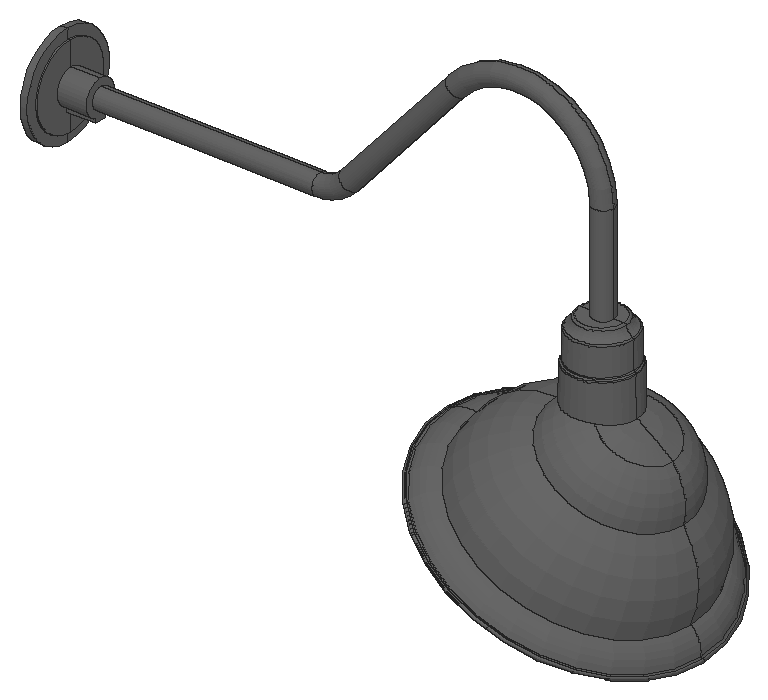
Revit family "Emblem_LED", category Lighting Fixtures, Revit 2020
Family settings
  Round Connector Dimension = Use Diameter
  Part Type = Normal
  OmniClass Number = 23.80.70.00
  OmniClass Title = Lighting
  Work Plane-Based = No
  Always vertical = Yes
  Cut with Voids When Loaded = No
  Light Source = Yes
  Shared = No
  Room Calculation Point = No
Parameters (values of type "M714")
  Weight = "1.5 lb"
  Wattage Comments = "16W"
  Wattage = 1.6 W
  Warranty = "5 year limited warranty"  # constant formula
  built-in parameter 1150110 = 1 (stored number, unit not read)
  Voltage = 277 V
  URL = "https://www.anplighting.com/assets/Uploads/product-attachments/specification-sheets/ANP-Specification-Sheet-RLM-LED-M714.pdf"
  built-in parameter 1114217 = 1 (stored number, unit not read)
  Tilt Angle = 90.00°
  built-in parameter 1150109 = 1 (stored number, unit not read)
  built-in parameter 1150134 = 12
  built-in parameter 1150113 = 1 (stored number, unit not read)
  Mounting Option [instance] = 2
  Power Factor = 1
  Post Mount [instance] = Mounting Option = 5  # no
  Placement X axis side [instance] = if(Post Mount, 2' 2 15/32", if(Cord or Stem Mount, 0' 0", if(E36 20 inch, 1' 8 1/4", if(E 6 26 inch, 2' 2", if(E7 41 inch, 3' 5 1/4", 0' 1")))))  # 2' - 2"
  Photometric Web File = "M714M016LDNW40K.ies"
  Model = "M714"
  Manufacturer = "ANP Lighting"  # constant formula
  M714 = yes
  M712 = no
  M710 = no
  M707 = no
  built-in parameter 1150105 = 159.15 (stored number, unit not read)
  Lumens = 2000 lm
  built-in parameter 1150115 = 1 (stored number, unit not read)
  Load Classification = Lighting
  Light Source Height [instance] = 0' - 0 1/2"  # constant formula
  built-in parameter 1150137 = (empty or 0)
  built-in parameter 1150139 = (empty or 0)
  Light Elevation_3 [instance] = 0' - 3"  # constant formula
  Light Elevation _2 [instance] = if(M707, 0' 8 157/256", if(M710, 0' 11 1/256", if(M712, 1' 0 45/256", if(M714, 1' 1 11/64", 0' 0"))))  # 1' - 1 11/64"
  Light Elevation _1 [instance] = if(Post Mount, 0' 0", if(E7 41 inch, 0' 0", if(E36 20 inch, 0' 1", if(E 6 26 inch, 0' 0.87402", if(Cord or Stem Mount, (0' 3.66142" + Cord Length), 0' 0")))))  # 0' - 0.87402"
  Light Elevation [instance] = if(Post Mount, 14' 0.5315", if(E7 41 inch, 0' 0", 0' 0"))  # 0' - 0"
  Life = "L70 50,000 hours"  # constant formula
  built-in parameter 1150112 = 1 (stored number, unit not read)
  built-in parameter 1150114 = 1 (stored number, unit not read)
  Lamp = "LED"
  Inside body material = none
  built-in parameter 1150132 = 2
  built-in parameter 1150102 = (empty or 0)
  built-in parameter 1150107 = 4000 (stored number, unit not read)
  built-in parameter 1150138 = (empty or 0)
  built-in parameter 1150106 = 1.5915 (stored number, unit not read)
  Fixture Height = 0' - 9 7/8"
  Fixture Diameter = 1' - 2"
  Efficiency = "65-125 lumens per watt"  # constant formula
  built-in parameter 1150104 = 116.13 (stored number, unit not read)
  E7 41 inch [instance] = Mounting Option = 4  # no
  E36 20 inch [instance] = Mounting Option = 3  # no
  E 6 26 inch [instance] = Mounting Option = 2  # yes
  Dimming Lamp Color Temperature Shift = <None>
  Dimming = "1%"  # constant formula
  Description = "120-277 Voltage"  # constant formula
  Default Elevation = 0' - 0"
  Cord or Stem Mount [instance] = Mounting Option = 1  # no
  Cord Length option [instance] = 10
  Cord Length [instance] = if([2' Cord], 2' 0", if([4' Cord], 4' 0", if([8' Cord], 8' 0", if([10' Cord], 10' 0", if([6' Cord], 6' 0", 6' 0")))))  # 10' - 0"
  Construction Material = "Heavy Duty spun aluminum."  # constant formula
  Color Filter = 16777215
  CRI = ">90"  # constant formula
  Body Material = body
  Body Colour = "Spun aluminium"  # constant formula
  built-in parameter 1114218 = 1 (stored number, unit not read)
  built-in parameter 1150133 = 10 (stored number, unit not read)
  Apparent Load = 16 VA
  8' Cord [instance] = Cord Length option = 8  # no
  6' Cord [instance] = Cord Length option = 6  # no
  4' Cord [instance] = Cord Length option = 4  # no
  2' Cord [instance] = Cord Length option = 2  # no
  10' Cord [instance] = Cord Length option = 10  # yes
Types (5): name | Weight | Wattage Comments | Wattage | URL | Photometric Web File | Model | M714 | M712 | M710 | M707 | built-in parameter 1150105 | Lumens | Light Elevation _2 | built-in parameter 1150106 | Fixture Height | Fixture Diameter | Apparent Load
  (no name) | "1.5 lb" | "16W" | 1.6 W | "https://www.anplighting.com/assets/Uploads/product-attachments/specification-sheets/ANP-Specification-Sheet-RLM-LED-M714.pdf" | "M714M016LDNW40K.ies" | "M714" | yes | no | no | no | 159.15 (stored number, unit not read) | 2000 lm | 1' - 1 11/64" | 1.5915 (stored number, unit not read) | 0' - 9 7/8" | 1' - 2" | 16 VA
  M707 | "1.0 lb" | "10W" | 1 W | "https://www.anplighting.com/assets/Uploads/product-attachments/specification-sheets/ANP-Specification-Sheet-RLM-LED-M707.pdf" | "M707M009LDNW40K.IES" | "M707" | no | no | no | yes | 99.472 (stored number, unit not read) | 1250 lm | 0' - 8 157/256" | 0.99472 (stored number, unit not read) | 0' - 6" | 0' - 7" | 10 VA
  M710 | "1.0 lb" | "16W" | 1.6 W | "https://www.anplighting.com/assets/Uploads/product-attachments/specification-sheets/ANP-Specification-Sheet-RLM-LED-M710.pdf" | "M707M009LDNW40K.IES" | "M710" | no | no | yes | no | 159.15 (stored number, unit not read) | 2000 lm | 0' - 11 1/256" | 1.5915 (stored number, unit not read) | 0' - 7 7/8" | 0' - 10 1/8" | 16 VA
  M712 | "1.0 lb" | "24W" | 2.4 W | "https://www.anplighting.com/assets/Uploads/product-attachments/specification-sheets/ANP-Specification-Sheet-RLM-LED-M712.pdf" | "M707M009LDNW40K.IES" | "M712" | no | yes | no | no | 3000 (stored number, unit not read) | 3000 lm | 1' - 0 45/256" | 30 (stored number, unit not read) | 0' - 9 1/4" | 1' - 0" | 24 VA
  M714 | "1.5 lb" | "16W" | 1.6 W | "https://www.anplighting.com/assets/Uploads/product-attachments/specification-sheets/ANP-Specification-Sheet-RLM-LED-M714.pdf" | "M714M016LDNW40K.ies" | "M714" | yes | no | no | no | 159.15 (stored number, unit not read) | 2000 lm | 1' - 1 11/64" | 1.5915 (stored number, unit not read) | 0' - 9 7/8" | 1' - 2" | 16 VA
Reference planes (in)
  plane 1 "Light Source Axis (F/B)": y = 0
  plane 2: z = 0
  plane 3 "Light Source Axis (L/R)": x = 0
  plane 4 "Light Source Elevation": z = 0
  plane 5: z = 0
  plane 6: x = 26
  plane 7 "Bulb Position": z = -11.04589
  plane 8 "Canopy Position": z = -0.87402
  plane 9 "IES": z = -11.54589
  plane 10: z = -14.04589
Dimensions and locks (in)
  "Light Elevation": plane 5 to plane 2
  "Placement X axis side": plane 6 to plane 3 "Light Source Axis (L/R)"
  "Light Elevation _1": plane 5 to plane 8 "Canopy Position"
  "Light Source Height": plane 7 "Bulb Position" to plane 9 "IES"
  locked: plane 4 "Light Source Elevation" to plane 2
  "Light Elevation _2": plane 8 "Canopy Position" to plane 10
  "Light Elevation_3": plane 7 "Bulb Position" to plane 10
  aligned and locked: level to plane 2
  aligned and locked: plane 1 "Light Source Axis (F/B)" to nested 5
  aligned and locked: nested 5 to plane 2
  aligned and locked: nested 1 to plane 3 "Light Source Axis (L/R)"
  aligned and locked: plane 3 "Light Source Axis (L/R)" to nested 2
  aligned and locked: plane 3 "Light Source Axis (L/R)" to nested 4
  aligned and locked: nested 3 to plane 5
  aligned and locked: plane 3 "Light Source Axis (L/R)" to nested 3
  aligned and locked: plane 3 "Light Source Axis (L/R)" to nested 5
  aligned and locked: plane 1 "Light Source Axis (F/B)" to nested 2
  aligned and locked: plane 1 "Light Source Axis (F/B)" to nested 1
  aligned and locked: plane 1 "Light Source Axis (F/B)" to nested 4
  aligned and locked: plane 1 "Light Source Axis (F/B)" to nested 3
  aligned and locked: plane 2 to nested 1
  aligned and locked: plane 2 to nested 2
  aligned and locked: nested 4 to plane 2
  aligned and locked: imposter light to plane 9 "IES"
  aligned and locked: plane 6 to imposter light
  aligned and locked: nested 6 to plane 1 "Light Source Axis (F/B)"
  aligned and locked: nested 7 to plane 1 "Light Source Axis (F/B)"
  aligned and locked: nested 8 to plane 1 "Light Source Axis (F/B)"
  aligned and locked: nested 9 to plane 1 "Light Source Axis (F/B)"
  aligned and locked: nested 6 to plane 6
  aligned and locked: nested 7 to plane 6
  aligned and locked: nested 8 to plane 6
  aligned and locked: nested 9 to plane 6
  aligned and locked: plane 8 "Canopy Position" to nested 6
  aligned and locked: plane 8 "Canopy Position" to nested 9
  aligned and locked: plane 8 "Canopy Position" to nested 8
  aligned and locked: plane 8 "Canopy Position" to nested 7
Nested families (in)
  nested 1: "CORD OR STEM MOUNT" at (0, 0, -123.67), visible <- "Cord or Stem Mount", Cord or Stem Mount <- "Cord or Stem Mount", Body Material <- "Body Material", Light Elevation <- "Light Elevation", Cord Length <- "Cord Length", 10' Cord <- "10' Cord", 2' Cord <- "2' Cord", 4' Cord <- "4' Cord", 6' Cord <- "6' Cord", 8' Cord <- "8' Cord", type "CORD OR STEM MOUNT"
    with Light Elevation 0' - 0", Cord or Stem Mount no, Cord Length 10' - 0", Body Material body, 8' Cord no, 6' Cord no, 4' Cord no, 2' Cord no, 10' Cord yes
  nested 2: "E6 26 INCH" at (26, 0, 0), visible <- "E 6 26 inch", Chain Length <- "Cord Length", E 6 26 inch <- "E 6 26 inch", Placement X axis side <- "Placement X axis side", Body Material <- "Body Material", Light Elevation <- "Light Elevation", type "E6 26 INCH"
    with Placement X axis side 2' - 2", Light Elevation 0' - 0", E 6 26 inch yes, Chain Length 10' - 0", Body Material body
  nested 3: "E7 41 INCH" at (26, 0, 0), Chain Length <- "Cord Length", visible <- "E7 41 inch", E7 41 inch <- "E7 41 inch", Placement X axis side <- "Placement X axis side", Body Material <- "Body Material", Light Elevation <- "Light Elevation", type "E7 41 INCH"
    with Placement X axis side 2' - 2", Light Elevation 0' - 0", E7 41 inch no, Chain Length 10' - 0", Body Material body
  nested 4: "E36 20 INCH" at (26, 0, 0), visible <- "E36 20 inch", E36 20 inch <- "E36 20 inch", Placement X axis side <- "Placement X axis side", Chain Length <- "Cord Length", Body Material <- "Body Material", Light Elevation <- "Light Elevation", type "E36 20 INCH"
    with Placement X axis side 2' - 2", Light Elevation 0' - 0", E36 20 inch no, Chain Length 10' - 0", Body Material body
  nested 5: "POST MOUNT" at (26, 0, 0), visible <- "Post Mount", Post Mount <- "Post Mount", Placement X axis side <- "Placement X axis side", Chain Length <- "Cord Length", Body Material <- "Body Material", Light Elevation <- "Light Elevation", type "POST MOUNT"
    with Post Mount no, Placement X axis side 2' - 2", Light Elevation 0' - 0", Chain Length 10' - 0", Body Material body
  nested 6: "M707 LED" at (26, 0, -0.93652) x (-1, 0, 0) z (0, 0, 1), Body <- "Body Material", visible <- "M707", M707 <- "M707", Light Elevation <- "Light Elevation", type "M707 LED"
    with M707 no, Light Elevation 0' - 0", Body body
  nested 7: "M710 LED" at (26, 0, -0.87402) x (-1, 0, 0) z (0, 0, 1), Body <- "Body Material", M710 <- "M710", Light Elevation <- "Light Elevation", visible <- "M710", type "M710 LED"
    with M710 no, Light Elevation 0' - 0", Body body
  nested 8: "M712 LED " at (26, 0, -0.93652) x (-1, 0, 0) z (0, 0, 1), Body <- "Body Material", visible <- "M712", Light Elevation <- "Light Elevation", M712 <- "M712", type "M712 LED "
    with M712 no, Light Elevation 0' - 0", Body body
  nested 9: "M714" at (26, 0, -0.93652) x (-1, 0, 0) z (0, 0, 1), Body <- "Body Material", M714 <- "M714", Light Elevation <- "Light Elevation", visible <- "M714", type "M714"
    with M714 yes, Light Elevation 0' - 0", Body body
Definition of nested family "E6 26 INCH"
  Parameters (values of type "E6 26 INCH")
    URL = ""
    Placement X axis side [instance] = 2' - 2"
    Model = ""
    Manufacturer = ""
    Light Elevation [instance] = 8' - 4"
    E 6 26 inch [instance] = yes
    Default Elevation = 0' - 0"
    Chain Length [instance] = 0' - 0"
    Body Material [instance] = none
  Reference planes (in)
    plane 1 "Light Source Axis (F/B)": y = 0
    plane 2: z = 0
    plane 3 "Light Source Axis (L/R)": x = 0
    plane 4 "Light Source Elevation": z = 23.125
    plane 5: z = 100
    plane 6: x = -26
    plane 7: z = 99.125
    plane 8: x = -24.12
    plane 9: x = -25.5474
  Forms (in)
    Extrusion 1, void, not visible
      sketch origin (0, 0, 2.38154) x (1, 0, 0) y (0, 0, 1)
        loop
          circle (0, 4.59925) r 0.16583
      from 1.18594 to 1.75
    Extrusion 2, void, not visible
      sketch origin (0, 0, 2.38154) x (0.707107, -0.707107, 0) y (0, 0, 1)
        loop
          circle (0, 4.59925) r 0.16583
      from 1.18594 to 1.75
    Extrusion 3, void, not visible
      sketch origin (0, 0, 2.38154) x (0.707107, 0.707107, 0) y (0, 0, 1)
        loop
          circle (0, 4.59925) r 0.16583
      from 1.18594 to 1.75
    Extrusion 4, void, not visible
      sketch origin (0, 0, 2.38154) x (0, 1, 0) y (0, 0, 1)
        loop
          circle (0, 4.59925) r 0.16583
      from 1.18594 to 1.75
    Extrusion 5, void, not visible
      sketch origin (0, 0, 2.38154) x (-0.707107, 0.707107, 0) y (0, 0, 1)
        loop
          circle (0, 4.59925) r 0.16583
      from 1.18594 to 1.75
    Extrusion 6, void, not visible
      sketch origin (0, 0, 2.38154) x (-1, 0, 0) y (0, 0, 1)
        loop
          circle (0, 4.59925) r 0.20678
      from 1.18594 to 1.75
    Extrusion 7, void, not visible
      sketch origin (0, 0, 2.38154) x (-0.707107, -0.707107, 0) y (0, 0, 1)
        loop
          circle (0, 4.59925) r 0.16583
      from 1.18594 to 1.75
    Extrusion 8, void, not visible
      sketch origin (0, 0, 2.38154) x (0, -1, 0) y (0, 0, 1)
        loop
          circle (0, 4.59925) r 0.16583
      from 1.18594 to 1.75
    Sweep 9, solid, material <- "Body Material", visible <- "E 6 26 inch"
      path origin (-41.25, 0, 168.51693) x (1, 0, 0) y (0, 0, 1)
        loop
          line (17.13, -68.51693) -> (27.68551, -68.51693)
          arc (27.68551, -68.51693) -> (28.47996, -68.34486) -> (29.13202, -67.8595) r 1.92004
          line (29.13202, -67.8595) -> (34.23651, -62.01155)
          arc (34.23651, -62.01155) -> (38.65464, -60.89667) -> (41.25, -64.64193) r 4
          line (41.25, -64.64193) -> (41.25, -69.39193)
      profile origin (-18.84224, 0, 100) x (0, 0, 1) y (0, -1, 0)
        loop
          circle (0, 0) r 0.5
    Revolve 10, solid, material <- "Body Material", visible <- "E 6 26 inch"
      sketch origin (-26, 0, 168.51693) x (1, 0, 0) y (0, 0, 1)
        loop
          line (0, -66.07943) -> (0, -68.51693) -> (1.88, -68.51693) -> (1.88, -67.69272) -> (0.4526, -67.69272) -> (0.4526, -66.54122) -> (0.33125, -66.54122) -> (0.33125, -66.07943) -> (0, -66.07943)
        axis (0, -68.51693) -> (1.88, -68.51693)
      angle from 0 to 360
    Extrusion 11, solid, material <- "Body Material", visible <- "E 6 26 inch"
      sketch origin (-26, 0, 168.51693) x (0, -1, 0) y (0, 0, -1)
        loop
          line (0.25, 68.51693) -> (0.25, 69.51693) -> (-0.25, 69.51693) -> (-0.25, 68.51693) -> (0.25, 68.51693)
      from 0.4526 to 1.88
  Cuts and joins
    joined: Revolve 10, Extrusion 11
  Dimensions and locks (in)
    "Light Elevation": plane 5 to plane 2
    "Placement X axis side": plane 3 "Light Source Axis (L/R)" to plane 6
    locked: plane 5 to plane 7 at 0.875
    Revolve 10 sketch curve to Revolve 10 sketch curve to Revolve 10 sketch curve to plane 6 = 0' - 1.4274" locked, 0' - 0.12135" locked, 0' - 0.33125" locked
    Revolve 10 sketch curve to Revolve 10 sketch curve to Revolve 10 sketch curve to plane 5 = 0' - 0.46179" locked, 0' - 1.1515" locked, 0' - 0 211/256" locked
    locked: Sweep 9 sketch curve to plane 6 at 1.88
    locked: Sweep 9 sketch curve to Sweep 9 sketch curve at 10.55551
    locked: Sweep 9 sketch curve to Sweep 9 sketch curve at 13.56449
    locked: Sweep 9 sketch curve to Sweep 9 sketch curve at 4.75
    locked: plane 9 to plane 6 at 0.4526
    locked: plane 8 to plane 9 at 1.4274
    aligned and locked: level to plane 2
    aligned and locked: Revolve 10 sketch curve to plane 6
    aligned and locked: plane 5 to Revolve 10 sketch curve
    aligned and locked: Revolve 10 sketch curve to plane 5
    aligned and locked: cut or joined group of Revolve 10, Extrusion 11 to plane 9
    aligned and locked: plane 8 to cut or joined group of Revolve 10, Extrusion 11
  Automatic sketch dimensions
    Sweep 9 sketch curve to plane 5 = 0' - 0"
    Sweep 9 sketch curve to Sweep 9 sketch curve = 0' - 4"
    Sweep 9 sketch curve to Sweep 9 sketch curve = 0' - 3.01349"
    plane 5 to Sweep 9 sketch curve = 0' - 0.65743"
    Sweep 9 sketch curve to Sweep 9 sketch curve = 0' - 1.4465"
    Sweep 9 sketch curve to plane 5 = 0' - 0 7/8"
    profile plane to Sweep 9 sketch curve = 0' - 0"
    Sweep 9 sketch curve to profile plane = 0' - 0"
    plane 6 to Revolve 10 sketch curve = 0' - 0.62562"
    Revolve 10 sketch curve to Revolve 10 sketch curve = 0' - 0 1/2"
    Extrusion 11 sketch curve to plane 5 = 0' - 0"
    plane 1 "Light Source Axis (F/B)" to Extrusion 11 sketch curve = 0' - 0 1/4"
    Extrusion 11 sketch curve to plane 1 "Light Source Axis (F/B)" = 0' - 0 1/4"
    plane 5 to Extrusion 11 sketch curve = 0' - 1"
    radius of Sweep 9 sketch curve = 0' - 0 1/2"
Definition of nested family "M714"
  Parameters (values of type "M714")
    M714 [instance] = yes
    Light Elevation [instance] = 4' - 0"
    Default Elevation = 0' - 0"
    Body [instance] = none
  Reference planes (in)
    plane 1 "Center (Front/Back)": y = 0
    plane 2: z = 0
    plane 3 "Center (Left/Right)": x = 0
    plane 4: z = 48
  Dimensions and locks (in)
    "Light Elevation": plane 4 to plane 2
    aligned and locked: plane 2 to level
    aligned and locked: plane 3 "Center (Left/Right)" to nested 1
    aligned and locked: plane 1 "Center (Front/Back)" to nested 1
    aligned and locked: nested 1 to plane 4
  Nested families (in)
    nested 1: "M714 (1)" at (0, 0, 34.83814), Body <- "Body", visible <- "M714", M714 <- "M714", type "M714 (1)"
      with M714 yes, Body none
  Definition of nested family "M714 (1)"
    Parameters (values of type "M714 (1)")
      M714 [instance] = yes
      Default Elevation = 0' - 0"
      Body [instance] = none
    Reference planes (in)
      plane 1 "Center (Front/Back)": y = 0
      plane 2: z = 0
      plane 3 "Center (Left/Right)": x = 0
      plane 4: through (3.44487, -180, 4.41539) normal (-0.4772, 0, 0.8788)
      plane 5: through (-2.06295, -180, 12.66158) normal (-0.4772, 0, 0.8788)
    Forms (in)
      Revolve 1, solid, material <- "Body", visible <- "M714"
        sketch origin (-36.375, 0, -13.125) x (1, 0, 0) y (0, 0, 1)
          loop
            arc (33.06145, 21.1922) -> (32.48018, 20.01147) -> (32.51928, 18.69599) r 2.72826
            arc (32.51928, 18.69599) -> (31.79891, 16.6548) -> (32.16604, 14.52157) r 4.29306
            arc (32.16604, 14.52157) -> (31.78844, 13.96335) -> (31.68086, 13.29804) r 1.56358
            arc (31.68086, 13.29804) -> (31.66957, 13.22526) -> (31.62947, 13.16346) r 0.17599
            arc (31.62947, 13.16346) -> (31.60829, 13.16974) -> (31.61456, 13.19093) r 0.01563
            line (31.61456, 13.19093) -> (31.58474, 13.24585)
            arc (31.58474, 13.24585) -> (31.55637, 13.13484) -> (31.66922, 13.11494) r 0.07813
            arc (31.66922, 13.11494) -> (31.72684, 13.2001) -> (31.74326, 13.3016) r 0.23849
            arc (31.74326, 13.3016) -> (31.85489, 13.96094) -> (32.24181, 14.50637) r 1.50108
            arc (32.24181, 14.50637) -> (31.86052, 16.64153) -> (32.58743, 18.68504) r 4.23056
            arc (32.58743, 18.68504) -> (32.53815, 19.98372) -> (33.10877, 21.15137) r 2.66576
            arc (33.10877, 21.15137) -> (33.77863, 21.78517) -> (34.55136, 22.28846) r 5.11772
            line (34.55136, 22.28846) -> (34.52154, 22.34339)
            arc (34.52154, 22.34339) -> (33.73942, 21.83384) -> (33.06145, 21.1922) r 5.18022
          axis (34.52154, 22.34339) -> (37.74193, 16.41216)
        angle from 0 to 360
      Revolve 2, solid, material <- "Body", visible <- "M714"
        sketch origin (-36.375, 0, -13.17187) x (1, 0, 0) y (0, 0, 1)
          loop
            arc (35.37706, 26.39623) -> (35.32144, 26.37699) -> (35.2896, 26.3275) r 0.09
            arc (35.2896, 26.3275) -> (35.17286, 26.08776) -> (34.96695, 25.91833) r 0.62612
            arc (34.96695, 25.91833) -> (34.93161, 25.88581) -> (34.91803, 25.83975) r 0.09
            line (34.91803, 25.83975) -> (34.89654, 24.5504)
            arc (34.89654, 24.5504) -> (34.89169, 24.52273) -> (34.87855, 24.4979) r 0.09
            line (34.87855, 24.4979) -> (34.81981, 24.41957)
            arc (34.81981, 24.41957) -> (34.80666, 24.39474) -> (34.80182, 24.36707) r 0.09
            line (34.80182, 24.36707) -> (34.77365, 22.45147) -> (34.83616, 22.45147) -> (34.86444, 24.37491) -> (34.95821, 24.49994) -> (34.9808, 25.85542)
            arc (34.9808, 25.85542) -> (35.22353, 26.05108) -> (35.35509, 26.33373) r 0.68862
            line (35.35509, 26.33373) -> (36.1773, 26.33373) -> (36.1773, 26.39623) -> (35.37706, 26.39623)
          axis (36.4273, 26.39623) -> (36.4273, 22.45147)
        angle from 0 to 360
      Revolve 3, void
        sketch origin (-36.375, 0, -13.125) x (1, 0, 0) y (0, 0, 1)
          loop
            line (34.83535, 22.39623) -> (36.4273, 22.39623) -> (36.4273, 23.01246) -> (34.84362, 23.01246) -> (34.83535, 22.39623)
          axis (36.4273, 23.01246) -> (36.4273, 22.39623)
        angle from 0 to 360
    Cuts and joins
      Revolve 3 cuts Revolve 1
    Dimensions and locks (in)
      locked: plane 5 to plane 4 at 9.875
      locked: Revolve 1 sketch curve to Revolve 1 sketch curve at 7
      aligned and locked: plane 2 to level
Definition of nested family "CORD OR STEM MOUNT"
  Parameters (values of type "CORD OR STEM MOUNT")
    URL = ""
    Model = ""
    Manufacturer = ""
    Light Elevation [instance] = 1' - 7.69"
    Default Elevation = 0' - 0"
    Cord or Stem Mount [instance] = yes
    Cord Length [instance] = 6' - 0"
    Body Material [instance] = none
    8' Cord [instance] = no
    6' Cord [instance] = no
    4' Cord [instance] = no
    2' Cord [instance] = no
    10' Cord [instance] = no
  Reference planes (in)
    plane 1 "Light Source Axis (F/B)": y = 0
    plane 2: z = 0
    plane 3 "Light Source Axis (L/R)": x = 0
    plane 4 "Light Source Elevation": z = 23.125
    plane 5: z = 91.69
    plane 6: z = 19.69
  Forms (in)
    Extrusion 1, void, not visible
      sketch origin (0, 0, 2.38154) x (1, 0, 0) y (0, 0, 1)
        loop
          circle (0, 4.59925) r 0.16583
      from 1.18594 to 1.75
    Extrusion 2, void, not visible
      sketch origin (0, 0, 2.38154) x (0.707107, -0.707107, 0) y (0, 0, 1)
        loop
          circle (0, 4.59925) r 0.16583
      from 1.18594 to 1.75
    Extrusion 3, void, not visible
      sketch origin (0, 0, 2.38154) x (0.707107, 0.707107, 0) y (0, 0, 1)
        loop
          circle (0, 4.59925) r 0.16583
      from 1.18594 to 1.75
    Extrusion 4, void, not visible
      sketch origin (0, 0, 2.38154) x (0, 1, 0) y (0, 0, 1)
        loop
          circle (0, 4.59925) r 0.16583
      from 1.18594 to 1.75
    Extrusion 5, void, not visible
      sketch origin (0, 0, 2.38154) x (-0.707107, 0.707107, 0) y (0, 0, 1)
        loop
          circle (0, 4.59925) r 0.16583
      from 1.18594 to 1.75
    Extrusion 6, void, not visible
      sketch origin (0, 0, 2.38154) x (-1, 0, 0) y (0, 0, 1)
        loop
          circle (0, 4.59925) r 0.20678
      from 1.18594 to 1.75
    Extrusion 7, void, not visible
      sketch origin (0, 0, 2.38154) x (-0.707107, -0.707107, 0) y (0, 0, 1)
        loop
          circle (0, 4.59925) r 0.16583
      from 1.18594 to 1.75
    Extrusion 8, void, not visible
      sketch origin (0, 0, 2.38154) x (0, -1, 0) y (0, 0, 1)
        loop
          circle (0, 4.59925) r 0.16583
      from 1.18594 to 1.75
    Revolve 9, solid, material <- "Body Material", visible <- "Cord or Stem Mount"
      sketch origin (0, 0, 174.56698) x (1, 0, 0) y (0, 0, 1)
        loop
          line (2.6875, -79.20698) -> (0, -79.20698) -> (0, -82.87698) -> (0.125, -82.87698) -> (0.125, -82.83698) -> (0.75, -82.83698)
          arc (0.75, -82.83698) -> (0.81694, -82.77004) -> (0.75, -82.7031) r 0.06694
          line (0.75, -82.7031) -> (0.89763, -82.7031) -> (1.00223, -82.5985) -> (1.06587, -82.5985)
          arc (1.06587, -82.5985) -> (1.80099, -82.29401) -> (2.10549, -81.55888) r 1.03962
          line (2.10549, -81.55888) -> (2.10549, -81.03899)
          arc (2.10549, -81.03899) -> (2.12951, -80.981) -> (2.1875, -80.95698) r 0.08201
          line (2.1875, -80.95698) -> (2.1875, -80.70698) -> (2.6875, -80.70698) -> (2.6875, -79.20698)
        axis (0, -79.20698) -> (0, -82.87698)
      angle from 0 to 360
    Revolve 10, solid, material <- "Body Material", visible <- "Cord or Stem Mount"
      sketch origin (0, 0, 0) x (1, 0, 0) y (0, 0, 1)
        loop
          line (0, 91.69) -> (-0.125, 91.69) -> (-0.125, 19.69) -> (0, 19.69) -> (0, 91.69)
        axis (0, 19.69) -> (0, 91.69)
      angle from 0 to 360
  Dimensions and locks (in)
    "Light Elevation": plane 6 to plane 2
    "Cord Length": plane 5 to plane 6
    locked: Revolve 10 sketch curve to Revolve 10 sketch curve at 0.125
    aligned and locked: level to plane 2
    aligned and locked: Revolve 10 sketch curve to plane 3 "Light Source Axis (L/R)"
    aligned and locked: Revolve 10 sketch curve to plane 6
    aligned and locked: Revolve 10 sketch curve to plane 5
    aligned and locked: plane 3 "Light Source Axis (L/R)" to Revolve 10 sketch curve
  Automatic sketch dimensions
    Revolve 9 sketch curve to plane 3 "Light Source Axis (L/R)" = 0' - 0"  (x2)
    Revolve 9 sketch curve to plane 5 = 0' - 0"
    plane 3 "Light Source Axis (L/R)" to Revolve 9 sketch curve = 0' - 0 1/8"
    Revolve 9 sketch curve to plane 5 = 0' - 0.17388"
    Revolve 9 sketch curve to Revolve 9 sketch curve = 0' - 0 5/8"
    Revolve 9 sketch curve to Revolve 9 sketch curve = 0' - 0.14763"
    Revolve 9 sketch curve to plane 5 = 0' - 0.27847"
    Revolve 9 sketch curve to Revolve 9 sketch curve = 0' - 0.1046"
    Revolve 9 sketch curve to Revolve 9 sketch curve = 0' - 0.06364"
    Revolve 9 sketch curve to Revolve 9 sketch curve = 0' - 1.03962"
    Revolve 9 sketch curve to Revolve 9 sketch curve = 0' - 0 21/256"
    Revolve 9 sketch curve to Revolve 9 sketch curve = 0' - 0 1/2"  (x2)
    Revolve 9 sketch curve to Revolve 9 sketch curve = 0' - 0.51989"
    Revolve 9 sketch curve to Revolve 9 sketch curve = 0' - 0 1/4"
    Revolve 9 sketch curve to Revolve 9 sketch curve = 0' - 2.3519"
    Revolve 9 sketch curve to Revolve 9 sketch curve = 0' - 1 1/4"
    Revolve 9 sketch curve to Revolve 9 sketch curve = 0' - 0.04"
    Revolve 10 sketch curve to Revolve 10 sketch curve = 0' - 0 1/2"
    Revolve 10 sketch curve to Revolve 10 sketch curve = 0' - 0.42345"
Definition of nested family "E7 41 INCH"
  Parameters (values of type "E7 41 INCH")
    URL = ""
    Placement X axis side [instance] = 4' - 2"
    Model = ""
    Manufacturer = ""
    Light Elevation [instance] = 8' - 4"
    E7 41 inch [instance] = yes
    Default Elevation = 0' - 0"
    Chain Length [instance] = 0' - 0"
    Body Material [instance] = none
  Reference planes (in)
    plane 1 "Light Source Axis (F/B)": y = 0
    plane 2: z = 0
    plane 3 "Light Source Axis (L/R)": x = 0
    plane 4 "Light Source Elevation": z = 23.125
    plane 5: z = 100
    plane 6: x = -50
  Forms (in)
    Extrusion 1, void, not visible
      sketch origin (0, 0, 2.38154) x (1, 0, 0) y (0, 0, 1)
        loop
          circle (0, 4.59925) r 0.16583
      from 1.18594 to 1.75
    Extrusion 2, void, not visible
      sketch origin (0, 0, 2.38154) x (0.707107, -0.707107, 0) y (0, 0, 1)
        loop
          circle (0, 4.59925) r 0.16583
      from 1.18594 to 1.75
    Extrusion 3, void, not visible
      sketch origin (0, 0, 2.38154) x (0.707107, 0.707107, 0) y (0, 0, 1)
        loop
          circle (0, 4.59925) r 0.16583
      from 1.18594 to 1.75
    Extrusion 4, void, not visible
      sketch origin (0, 0, 2.38154) x (0, 1, 0) y (0, 0, 1)
        loop
          circle (0, 4.59925) r 0.16583
      from 1.18594 to 1.75
    Extrusion 5, void, not visible
      sketch origin (0, 0, 2.38154) x (-0.707107, 0.707107, 0) y (0, 0, 1)
        loop
          circle (0, 4.59925) r 0.16583
      from 1.18594 to 1.75
    Extrusion 6, void, not visible
      sketch origin (0, 0, 2.38154) x (-1, 0, 0) y (0, 0, 1)
        loop
          circle (0, 4.59925) r 0.20678
      from 1.18594 to 1.75
    Extrusion 7, void, not visible
      sketch origin (0, 0, 2.38154) x (-0.707107, -0.707107, 0) y (0, 0, 1)
        loop
          circle (0, 4.59925) r 0.16583
      from 1.18594 to 1.75
    Extrusion 8, void, not visible
      sketch origin (0, 0, 2.38154) x (0, -1, 0) y (0, 0, 1)
        loop
          circle (0, 4.59925) r 0.16583
      from 1.18594 to 1.75
    Revolve 9, solid, material <- "Body Material", visible <- "E7 41 inch"
      sketch origin (-41.25, 0, 168.39193) x (1, 0, 0) y (0, 0, 1)
        loop
          line (-8.75, -66.20443) -> (-8.75, -68.51693) -> (-6.87, -68.51693) -> (-6.87, -67.69272) -> (-8.2974, -67.69272) -> (-8.2974, -66.54122) -> (-8.41875, -66.54122) -> (-8.41875, -66.20443) -> (-8.75, -66.20443)
        axis (-8.75, -68.51693) -> (-6.87, -68.51693)
      angle from 0 to 360
    Extrusion 10, solid, material <- "Body Material", visible <- "E7 41 inch"
      sketch origin (-41.25, 0, 168.39193) x (0, -1, 0) y (0, 0, -1)
        loop
          line (0.25, 68.51693) -> (0.25, 69.51693) -> (-0.25, 69.51693) -> (-0.25, 68.51693) -> (0.25, 68.51693)
      from -8.2974 to -6.87
    Sweep 11, solid, material <- "Body Material", visible <- "E7 41 inch"
      path origin (-41.25, 0, 168.39193) x (1, 0, 0) y (0, 0, 1)
        loop
          line (-6.87, -68.51693) -> (16.04011, -68.51693)
          arc (16.04011, -68.51693) -> (17.864, -68.13651) -> (19.38375, -67.0587) r 4.5625
          line (19.38375, -67.0587) -> (24.70217, -61.33018)
          arc (24.70217, -61.33018) -> (29.64465, -60.20324) -> (32.5, -64.39193) r 4.5
          line (32.5, -64.39193) -> (32.5, -68.39193)
      profile origin (-36.66494, 0, 99.875) x (0, 0, 1) y (0, -1, 0)
        loop
          circle (0, 0) r 0.5
  Dimensions and locks (in)
    "Placement X axis side": plane 3 "Light Source Axis (L/R)" to plane 6
    "Light Elevation": plane 5 to plane 2
    locked: Revolve 9 sketch curve to Revolve 9 sketch curve at 0.33125
    locked: Revolve 9 sketch curve to Revolve 9 sketch curve at 0.4526
    locked: Revolve 9 sketch curve to Revolve 9 sketch curve at 1.88
    locked: Revolve 9 sketch curve to Revolve 9 sketch curve at 0.82421
    locked: Revolve 9 sketch curve to Revolve 9 sketch curve at 1.1515
    locked: Revolve 9 sketch curve to Revolve 9 sketch curve at 0.33679
    locked: plane 5 to Revolve 9 sketch curve at 0.125
    locked: Extrusion 10 sketch curve to Extrusion 10 sketch curve at 0.5
    locked: Extrusion 10 sketch curve to Extrusion 10 sketch curve at 1
    locked: plane 5 to Extrusion 10 sketch curve at 0.125
    locked: plane 5 to Sweep 11 sketch curve at 0.125
    locked: Sweep 11 sketch curve to Sweep 11 sketch curve at 39.37
    locked: Sweep 11 sketch curve to Sweep 11 sketch curve at 4
    locked: plane 6 to Extrusion 10 at 0.4526
    locked: Sweep 11 sketch curve to plane 6 at 1.88
    locked: Extrusion 10 to Extrusion 10 at 1.4274
    aligned and locked: plane 2 to level
    aligned and locked: Revolve 9 sketch curve to plane 6
  Automatic sketch dimensions
    Revolve 9 sketch curve to plane 5 = 0' - 0 1/8"
    plane 6 to Revolve 9 sketch curve = 0' - 0.62562"
    Revolve 9 sketch curve to Revolve 9 sketch curve = 0' - 0 1/2"
    plane 1 "Light Source Axis (F/B)" to Extrusion 10 sketch curve = 0' - 0 1/4"
    Sweep 11 sketch curve to plane 5 = 0' - 0"
    Sweep 11 sketch curve to Sweep 11 sketch curve = 0' - 4 1/2"
    Sweep 11 sketch curve to Sweep 11 sketch curve = 0' - 3.29783"
    plane 5 to Sweep 11 sketch curve = 0' - 1.33323"
    Sweep 11 sketch curve to Sweep 11 sketch curve = 0' - 5.31842"
    Sweep 11 sketch curve to Sweep 11 sketch curve = 0' - 3.34364"
    profile plane to Sweep 11 sketch curve = 0' - 0"
    Sweep 11 sketch curve to profile plane = 0' - 0"
    radius of Sweep 11 sketch curve = 0' - 0 1/2"
Definition of nested family "E36 20 INCH"
  Parameters (values of type "E36 20 INCH")
    URL = ""
    Placement X axis side [instance] = 1' - 8 1/4"
    Model = ""
    Manufacturer = ""
    Light Elevation [instance] = 8' - 4"
    E36 20 inch [instance] = yes
    Default Elevation = 0' - 0"
    Chain Length [instance] = 0' - 0"
    Body Material [instance] = none
  Reference planes (in)
    plane 1 "Light Source Axis (F/B)": y = 0
    plane 2: z = 0
    plane 3 "Light Source Axis (L/R)": x = 0
    plane 4 "Light Source Elevation": z = 23.125
    plane 5: z = 99
    plane 6: x = -20.25
    plane 7: z = 100
    plane 8: x = -18.37008
    plane 9: x = -19.79724
  Forms (in)
    Extrusion 1, void, not visible
      sketch origin (0, 0, 2.38154) x (1, 0, 0) y (0, 0, 1)
        loop
          circle (0, 4.59925) r 0.16583
      from 1.18594 to 1.75
    Extrusion 2, void, not visible
      sketch origin (0, 0, 2.38154) x (0.707107, -0.707107, 0) y (0, 0, 1)
        loop
          circle (0, 4.59925) r 0.16583
      from 1.18594 to 1.75
    Extrusion 3, void, not visible
      sketch origin (0, 0, 2.38154) x (0.707107, 0.707107, 0) y (0, 0, 1)
        loop
          circle (0, 4.59925) r 0.16583
      from 1.18594 to 1.75
    Extrusion 4, void, not visible
      sketch origin (0, 0, 2.38154) x (0, 1, 0) y (0, 0, 1)
        loop
          circle (0, 4.59925) r 0.16583
      from 1.18594 to 1.75
    Extrusion 5, void, not visible
      sketch origin (0, 0, 2.38154) x (-0.707107, 0.707107, 0) y (0, 0, 1)
        loop
          circle (0, 4.59925) r 0.16583
      from 1.18594 to 1.75
    Extrusion 6, void, not visible
      sketch origin (0, 0, 2.38154) x (-1, 0, 0) y (0, 0, 1)
        loop
          circle (0, 4.59925) r 0.20678
      from 1.18594 to 1.75
    Extrusion 7, void, not visible
      sketch origin (0, 0, 2.38154) x (-0.707107, -0.707107, 0) y (0, 0, 1)
        loop
          circle (0, 4.59925) r 0.16583
      from 1.18594 to 1.75
    Extrusion 8, void, not visible
      sketch origin (0, 0, 2.38154) x (0, -1, 0) y (0, 0, 1)
        loop
          circle (0, 4.59925) r 0.16583
      from 1.18594 to 1.75
    Sweep 9, solid, material <- "Body Material", visible <- "E36 20 inch"
      path origin (-41.25, 0, 169.51693) x (1, 0, 0) y (0, 0, 1)
        loop
          line (22.88, -69.51693) -> (28.93827, -69.51693)
          arc (28.93827, -69.51693) -> (29.97705, -69.28152) -> (30.81284, -68.62128) r 2.40953
          line (30.81284, -68.62128) -> (34.13807, -64.50378)
          arc (34.13807, -64.50378) -> (38.58272, -63.24548) -> (41.25, -67.01693) r 4
          line (41.25, -67.01693) -> (41.25, -70.51693)
      profile origin (-15.34086, 0, 100) x (0, 0, 1) y (0, -1, 0)
        loop
          circle (0, 0) r 0.5
    Revolve 10, solid, material <- "Body Material", visible <- "E36 20 inch"
      sketch origin (-20.25, 0, 169.51693) x (1, 0, 0) y (0, 0, 1)
        loop
          line (0, -67.20443) -> (0, -69.51693) -> (1.88, -69.51693) -> (1.88, -68.69272) -> (0.4526, -68.69272) -> (0.4526, -67.54122) -> (0.33125, -67.54122) -> (0.33125, -67.20443) -> (0, -67.20443)
        axis (0, -69.51693) -> (1.88, -69.51693)
      angle from 0 to 360
    Extrusion 11, solid, material <- "Body Material", visible <- "E36 20 inch"
      sketch origin (-20.25, 0, 169.51693) x (0, -1, 0) y (0, 0, -1)
        loop
          line (0.25, 69.51693) -> (0.25, 70.51693) -> (-0.25, 70.51693) -> (-0.25, 69.51693) -> (0.25, 69.51693)
      from 1.87992 to 0.45276
  Cuts and joins
    joined: Revolve 10, Extrusion 11
  Dimensions and locks (in)
    "Light Elevation": plane 7 to plane 2
    "Placement X axis side": plane 3 "Light Source Axis (L/R)" to plane 6
    locked: plane 7 to plane 5 at 1
    Revolve 10 sketch curve to Revolve 10 sketch curve to Revolve 10 sketch curve to plane 7 = 0' - 0.33679" locked, 0' - 1.1515" locked, 0' - 0 211/256" locked
    locked: Sweep 9 sketch curve to plane 6 at 1.88
    locked: Sweep 9 sketch curve to Sweep 9 sketch curve at 6.05827
    locked: Sweep 9 sketch curve to Sweep 9 sketch curve at 12.31173
    locked: Sweep 9 sketch curve to Sweep 9 sketch curve at 3.5
    Revolve 10 sketch curve to Revolve 10 sketch curve to Revolve 10 sketch curve to plane 6 = 0' - 1.4274" locked, 0' - 0.12135" locked, 0' - 0.33125" locked
    locked: plane 9 to plane 6 at 0.45276
    locked: plane 8 to plane 9 at 1.42717
    aligned and locked: level to plane 2
    aligned and locked: plane 7 to Revolve 10 sketch curve
    aligned and locked: Revolve 10 sketch curve to plane 7
    aligned and locked: Revolve 10 sketch curve to plane 6
    aligned and locked: cut or joined group of Revolve 10, Extrusion 11 to plane 9
    aligned and locked: plane 8 to cut or joined group of Revolve 10, Extrusion 11
  Automatic sketch dimensions
    Sweep 9 sketch curve to plane 7 = 0' - 0"
    Sweep 9 sketch curve to plane 5 = 0' - 0"
    Sweep 9 sketch curve to Sweep 9 sketch curve = 0' - 4"
    Sweep 9 sketch curve to plane 7 = 0' - 0.89565"
    Sweep 9 sketch curve to Sweep 9 sketch curve = 0' - 3.32523"
    Sweep 9 sketch curve to Sweep 9 sketch curve = 0' - 1.87457"
    profile plane to Sweep 9 sketch curve = 0' - 0"
    Sweep 9 sketch curve to profile plane = 0' - 0"
    plane 6 to Revolve 10 sketch curve = 0' - 0.62562"
    Revolve 10 sketch curve to Revolve 10 sketch curve = 0' - 0 1/2"
    plane 7 to Extrusion 11 sketch curve = 0' - 0"
    Extrusion 11 sketch curve to plane 5 = 0' - 0"
    plane 1 "Light Source Axis (F/B)" to Extrusion 11 sketch curve = 0' - 0 1/4"
    Extrusion 11 sketch curve to plane 1 "Light Source Axis (F/B)" = 0' - 0 1/4"
    radius of Sweep 9 sketch curve = 0' - 0 1/2"
Definition of nested family "POST MOUNT"
  Parameters (values of type "POST MOUNT")
    URL = ""
    Post Mount [instance] = yes
    Placement X axis side [instance] = 2' - 2 1/2"
    Model = ""
    Manufacturer = ""
    Light Elevation [instance] = 14' - 0.5168"
    Default Elevation = 0' - 0"
    Chain Length [instance] = 0' - 0"
    Body Material [instance] = none
  Reference planes (in)
    plane 1 "Light Source Axis (F/B)": y = 0
    plane 2: z = 0
    plane 3 "Light Source Axis (L/R)": x = 0
    plane 4 "Light Source Elevation": z = 23.125
    plane 5: x = -26.5
    plane 6: z = 168.5168
  Forms (in)
    Extrusion 1, void, not visible
      sketch origin (0, 0, 2.38154) x (1, 0, 0) y (0, 0, 1)
        loop
          circle (0, 4.59925) r 0.16583
      from 1.18594 to 1.75
    Extrusion 2, void, not visible
      sketch origin (0, 0, 2.38154) x (0.707107, -0.707107, 0) y (0, 0, 1)
        loop
          circle (0, 4.59925) r 0.16583
      from 1.18594 to 1.75
    Extrusion 3, void, not visible
      sketch origin (0, 0, 2.38154) x (0.707107, 0.707107, 0) y (0, 0, 1)
        loop
          circle (0, 4.59925) r 0.16583
      from 1.18594 to 1.75
    Extrusion 4, void, not visible
      sketch origin (0, 0, 2.38154) x (0, 1, 0) y (0, 0, 1)
        loop
          circle (0, 4.59925) r 0.16583
      from 1.18594 to 1.75
    Extrusion 5, void, not visible
      sketch origin (0, 0, 2.38154) x (-0.707107, 0.707107, 0) y (0, 0, 1)
        loop
          circle (0, 4.59925) r 0.16583
      from 1.18594 to 1.75
    Extrusion 6, void, not visible
      sketch origin (0, 0, 2.38154) x (-1, 0, 0) y (0, 0, 1)
        loop
          circle (0, 4.59925) r 0.20678
      from 1.18594 to 1.75
    Extrusion 7, void, not visible
      sketch origin (0, 0, 2.38154) x (-0.707107, -0.707107, 0) y (0, 0, 1)
        loop
          circle (0, 4.59925) r 0.16583
      from 1.18594 to 1.75
    Extrusion 8, void, not visible
      sketch origin (0, 0, 2.38154) x (0, -1, 0) y (0, 0, 1)
        loop
          circle (0, 4.59925) r 0.16583
      from 1.18594 to 1.75
    Revolve 9, solid, material <- "Body Material", visible <- "Post Mount"
      sketch origin (-7.90508, 0, 0) x (1, 0, 0) y (0, 0, 1)
        loop
          line (-18.59492, 3.92912) -> (-16.29831, 3.92912) -> (-16.29831, 4.2668) -> (-16.91413, 4.2668) -> (-16.91413, 134.5168) -> (-17.16413, 134.5168) -> (-17.16413, 137.3918) -> (-17.05979, 137.3918)
          arc (-17.05979, 137.3918) -> (-16.93479, 137.5168) -> (-17.05979, 137.6418) r 0.125
          line (-17.05979, 137.6418) -> (-17.48032, 137.6418) -> (-17.48032, 139.0793) -> (-17.73032, 139.0793) -> (-17.73032, 139.5793) -> (-18.59492, 139.5793) -> (-18.59492, 3.92912)
        axis (-18.59492, 139.5793) -> (-18.59492, 3.92912)
      angle from 0 to 360
    Extrusion 10, solid, material <- "Body Material", visible <- "Post Mount"
      sketch origin (0, 0, 0) x (1, 0, 0) y (0, 1, 0)
        loop
          line (-20.5, 5.93079) -> (-32.5, 5.93079) -> (-32.5, -6.06921) -> (-20.5, -6.06921) -> (-20.5, 5.93079)
      from 0 to 3.92912
    Sweep 11, solid, material <- "Body Material", visible <- "Post Mount"
      path origin (0, 0, 48.5) x (1, 0, 0) y (0, 0, 1)
        loop
          line (0, 120.0168) -> (0, 128.0168)
          arc (0, 128.0168) -> (-13.25, 141.2668) -> (-26.5, 128.0168) r 13.25
          line (-26.5, 128.0168) -> (-26.5, 91.0793)
      profile origin (0, 0, 172.5168) x (-1, 0, 0) y (0, -1, 0)
        loop
          circle (0, 0) r 0.5
    Revolve 12, solid, material <- "Body Material", visible <- "Post Mount"
      sketch origin (0, 0, 0) x (1, 0, 0) y (0, 0, 1)
        loop
          line (0, 168.5168) -> (0.75, 168.5168) -> (0.75, 170.7668) -> (0, 170.7668) -> (0, 168.5168)
        axis (0, 170.7668) -> (0, 168.5168)
      angle from 0 to 360
  Cuts and joins
    joined: Revolve 9, Extrusion 10, Sweep 11, Revolve 12
  Dimensions and locks (in)
    "Placement X axis side": plane 3 "Light Source Axis (L/R)" to plane 5
    "Light Elevation": plane 6 to plane 2
    locked: Revolve 12 sketch curve to plane 5 at 26.5  (x2)
    locked: Revolve 9 sketch curve to plane 2 at 3.92912
    locked: Revolve 9 sketch curve to plane 5 at 2.29661
    locked: Revolve 9 sketch curve to plane 5 at 1.68079
    locked: Revolve 9 sketch curve to plane 5 at 1.43079
    locked: Revolve 9 sketch curve to plane 5 at 1.11461
    locked: Revolve 9 sketch curve to plane 5 at 0.86461
    locked: Revolve 9 sketch curve to Revolve 9 sketch curve at 130.58768
    locked: Revolve 9 sketch curve to Revolve 9 sketch curve at 2.875
    locked: Revolve 9 sketch curve to Revolve 9 sketch curve at 0.25
    locked: Revolve 9 sketch curve to Revolve 9 sketch curve at 1.4375
    locked: Revolve 9 sketch curve to Revolve 9 sketch curve at 0.5
    locked: Sweep 11 sketch curve to Sweep 11 sketch curve at 26.5
    locked: Revolve 12 sketch curve to Revolve 12 sketch curve at 0.75
    locked: cut or joined group of Revolve 9, Extrusion 10, Sweep 11, Revolve 12 to plane 2 at 139.5793
    aligned and locked: level to plane 2
    aligned and locked: plane 5 to Sweep 11 sketch curve
    aligned and locked: Revolve 9 sketch curve to plane 5
  Automatic sketch dimensions
    Revolve 9 sketch curve to plane 5 = 0' - 0"
    Revolve 9 sketch curve to Revolve 9 sketch curve = 0' - 0.10434"
    Revolve 9 sketch curve to Revolve 9 sketch curve = 0' - 0.33768"
    Revolve 9 sketch curve to Revolve 9 sketch curve = 0' - 0 1/4"
    Revolve 9 sketch curve to Revolve 9 sketch curve = 0' - 0 7/16"
    Extrusion 10 sketch curve to plane 5 = 0' - 6"
    plane 5 to Extrusion 10 sketch curve = 0' - 6"
    plane 1 "Light Source Axis (F/B)" to Extrusion 10 sketch curve = 0' - 6.06921"
    Extrusion 10 sketch curve to plane 1 "Light Source Axis (F/B)" = 0' - 5.93079"
    Sweep 11 sketch curve to profile plane = 0' - 0"
    profile plane to Sweep 11 sketch curve = 0' - 0"
    Sweep 11 sketch curve to plane 6 = 0' - 0"
    Sweep 11 sketch curve to plane 6 = 0' - 8"
    plane 6 to Sweep 11 sketch curve = 2' - 4 15/16"
    Revolve 12 sketch curve to plane 6 = 0' - 0"
    Revolve 12 sketch curve to plane 6 = 0' - 2 1/4"
    Revolve 12 sketch curve to Revolve 12 sketch curve = 0' - 0 1/2"
    Revolve 12 sketch curve to Revolve 12 sketch curve = 0' - 0"
    radius of Sweep 11 sketch curve = 0' - 0 1/2"
Definition of nested family "M712 LED "
  Parameters (values of type "M712 LED ")
    M712 [instance] = yes
    Light Elevation [instance] = 3' - 0"
    Default Elevation = 0' - 0"
    Body [instance] = none
  Reference planes (in)
    plane 1 "Center (Front/Back)": y = 0
    plane 2: z = 0
    plane 3 "Center (Left/Right)": x = 0
    plane 4: z = 36
  Dimensions and locks (in)
    "Light Elevation": plane 4 to plane 2
    aligned and locked: plane 2 to level
    aligned and locked: plane 3 "Center (Left/Right)" to nested 1
    aligned and locked: plane 1 "Center (Front/Back)" to nested 1
    aligned and locked: nested 1 to plane 4
  Nested families (in)
    nested 1: "M712" at (0, 0, 23.8456), visible <- "M712", Body <- "Body", M712 <- "M712", type "M712"
      with M712 yes, Body none
  Definition of nested family "M712"
    Parameters (values of type "M712")
      M712 [instance] = yes
      Default Elevation = 0' - 0"
      Body [instance] = none
    Reference planes (in)
      plane 1 "Center (Front/Back)": y = 0
      plane 2: z = 0
      plane 3 "Center (Left/Right)": x = 0
      plane 4: through (5.34569, -180, 7.24719) normal (0.8387, 0, 0.5446)
      plane 5: through (-4.71836, -180, 0.72714) normal (0.8387, 0, 0.5446)
      plane 6: through (1.04546, -180, 2.83795) normal (-0.4767, 0, 0.879)
      plane 7: through (-3.36431, -180, 10.96915) normal (-0.4767, 0, 0.879)
    Forms (in)
      Revolve 1, solid, material <- "Body", visible <- "M712"
        sketch origin (-18.80297, 0, -39.9428) x (1, 0, 0) y (0, 0, 1)
          loop
            arc (15.43712, 47.06504) -> (14.85316, 45.87177) -> (14.90199, 44.54417) r 2.72826
            arc (14.90199, 44.54417) -> (14.2042, 42.41301) -> (14.67619, 40.22074) r 4.29306
            arc (14.67619, 40.22074) -> (14.69417, 40.12272) -> (14.65462, 40.03124) r 0.17151
            arc (14.65462, 40.03124) -> (14.54869, 40.06262) -> (14.58006, 40.16855) r 0.07813
            line (14.58006, 40.16855) -> (14.55024, 40.22348)
            arc (14.55024, 40.22348) -> (14.49685, 40.02739) -> (14.69511, 39.98273) r 0.14063
            arc (14.69511, 39.98273) -> (14.7556, 40.11027) -> (14.73173, 40.2494) r 0.23401
            arc (14.73173, 40.2494) -> (14.26739, 42.42418) -> (14.97019, 44.53401) r 4.23056
            arc (14.97019, 44.53401) -> (14.91128, 45.84438) -> (15.48444, 47.02421) r 2.66576
            arc (15.48444, 47.02421) -> (16.1543, 47.65801) -> (16.92703, 48.1613) r 5.11772
            line (16.92703, 48.1613) -> (16.89721, 48.21623)
            arc (16.89721, 48.21623) -> (16.11509, 47.70668) -> (15.43712, 47.06504) r 5.18022
          axis (19.84843, 42.78076) -> (16.89721, 48.21623)
        angle from 0 to 360
      Revolve 2, solid, material <- "Body", visible <- "M712"
        sketch origin (-18.80297, 0, -40.05218) x (1, 0, 0) y (0, 0, 1)
          loop
            arc (17.75272, 52.26908) -> (17.69711, 52.24984) -> (17.66527, 52.20034) r 0.09
            arc (17.66527, 52.20034) -> (17.54853, 51.9606) -> (17.34262, 51.79118) r 0.62612
            arc (17.34262, 51.79118) -> (17.30728, 51.75866) -> (17.2937, 51.71259) r 0.09
            line (17.2937, 51.71259) -> (17.27221, 50.42324)
            arc (17.27221, 50.42324) -> (17.26736, 50.39557) -> (17.25422, 50.37074) r 0.09
            line (17.25422, 50.37074) -> (17.19547, 50.29241)
            arc (17.19547, 50.29241) -> (17.18233, 50.26758) -> (17.17749, 50.23991) r 0.09
            line (17.17749, 50.23991) -> (17.15125, 48.4555) -> (17.21376, 48.4555) -> (17.24011, 50.24776) -> (17.33388, 50.37278) -> (17.35647, 51.72826)
            arc (17.35647, 51.72826) -> (17.5992, 51.92392) -> (17.73076, 52.20658) r 0.68862
            line (17.73076, 52.20658) -> (18.55297, 52.20658) -> (18.55297, 52.26908) -> (17.75272, 52.26908)
          axis (18.80297, 52.26908) -> (18.80297, 48.4555)
        angle from 0 to 360
      Revolve 3, void
        sketch origin (0, 0, -5.125) x (1, 0, 0) y (0, 0, 1)
          loop
            line (0, 14.0834) -> (-1.58205, 14.0834) -> (-1.59271, 13.40303) -> (0, 13.40303) -> (0, 14.0834)
          axis (0, 14.0834) -> (0, 13.40303)
        angle from 0 to 360
    Cuts and joins
      Revolve 3 cuts Revolve 1
    Dimensions and locks (in)
      locked: plane 4 to plane 5 at 11.99149
      locked: plane 7 to plane 6 at 9.25
      aligned and locked: plane 2 to level
